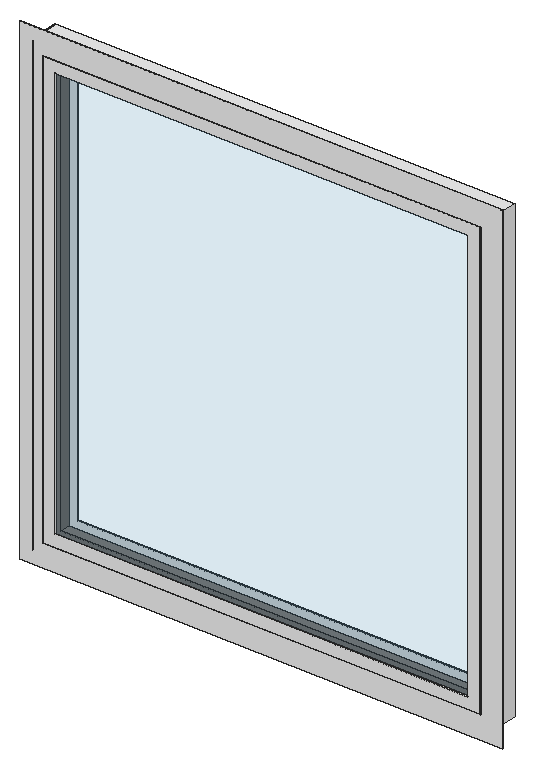
Revit family "Casement_36_E_Side_Hung_Standard", category Windows, host Wall, Revit 2014
Parameters (values of type "Casement_Sash_DG")
  Width Sash [instance] = 30 mm
  Width Sash Inner = 15 mm
  Width Bead = 15 mm
  Top Hung [instance] = yes
  Side Hung Right [instance] = yes
  Side Hung Left [instance] = yes
  Sash Opening Width [instance] = 600 mm
  Sash Opening Height [instance] = 600.312 mm
  Sash Lip = 15 mm
  Glazing Material [instance] = Glass
  DG Start Piece 2 [instance] = DG End Piece 1 + DG Gasket Thickness  # 25 mm
  DG Start Peice 1 [instance] = (Depth Sash - (2 * DG Glazing Thickness) - DG Gasket Thickness) / 2  # 6.6 mm
  Glazing Offset = 5 mm
  DG Glazing Thickness [instance] = 6.4 mm
  DG Gasket Thickness = 12 mm  # constant formula
  DG Gasket Material [instance] = Double Glazing Gasket Material
  DG End Piece 2 [instance] = DG Start Piece 2 + DG Glazing Thickness  # 31.4 mm
  DG End Piece 1 [instance] = DG Start Peice 1 + DG Glazing Thickness  # 13 mm
  Depth Sash [instance] = 38 mm
  Center Vertical Sash [instance] = Sash Opening Height / 2  # 300.156 mm
  Center Horizontal Sash [instance] = Sash Opening Width / 2  # 300 mm
  Bottom Hung [instance] = yes
  Bead Offset = 15 mm
  Aluminium Thickness = 1 mm
  Aluminium Material [instance] = White Powder Coated Aluminium
Reference planes
  plane 1 "Center (Front/Back)": y = 0
  plane 2: z = 0
  plane 3 "Center (Left/Right)": x = 0
Forms (mm)
  Sweep 1, solid, material "White Powder Coated Aluminium" <- "Aluminium Material"
    path origin (16.177, 0, 121.331) x (1, 0, 0) y (0, 0, 1)
      loop
        line (0, 0) -> (600, 0) -> (600, 600.312) -> (0, 600.312) -> (0, 0)
    profile origin (316.177, 0, 121.331) x (0, 0, 1) y (0, -1, 0)
      loop
        line (0, 0) -> (30, 0) -> (30, 1) -> (15, 1) -> (15, 38) -> (-15, 38) -> (-15, 37) -> (0, 37) -> (0, 0)
      loop
        line (14, 1) -> (14, 37) -> (1, 37) -> (1, 1) -> (14, 1)
  Sweep 2, solid, material "White Powder Coated Aluminium" <- "Aluminium Material"
    path origin (0, 0, 0) x (1, 0, 0) y (0, 0, 1)
      loop
        line (31.177, 706.643) -> (31.177, 136.331) -> (601.177, 136.331) -> (601.177, 706.643) -> (31.177, 706.643)
    profile origin (316.177, 0, 706.643) x (0, 0, 1) y (0, -1, 0)
      loop
        line (0, 37) -> (0, 38) -> (-15, 38) -> (-15, 37) -> (0, 37)
  Extrusion 3, solid, material "Glass" <- "Glazing Material"
    sketch origin (0, 0, 0) x (1, 0, 0) y (0, 0, 1)
      loop
        line (36.177, 701.643) -> (36.177, 141.331) -> (596.177, 141.331) -> (596.177, 701.643) -> (36.177, 701.643)
    from 6.6 <- "DG Start Peice 1" to 13 <- "DG End Piece 1"
  Extrusion 4, solid, material "Glass" <- "Glazing Material"
    sketch origin (0, 0, 0) x (1, 0, 0) y (0, 0, 1)
      loop
        line (36.177, 701.643) -> (36.177, 141.331) -> (596.177, 141.331) -> (596.177, 701.643) -> (36.177, 701.643)
    from 31.4 <- "DG End Piece 2" to 25 <- "DG Start Piece 2"
  Sweep 5, solid, material "Double Glazing Gasket Material" <- "DG Gasket Material"
    path origin (0, -13, 0) x (1, 0, 0) y (0, 0, 1)
      loop
        line (36.177, 701.643) -> (36.177, 141.331) -> (596.177, 141.331) -> (596.177, 701.643) -> (36.177, 701.643)
    profile origin (316.177, -13, 701.643) x (0, 0, 1) y (0, -1, 0)
      loop
        line (0, 0) -> (0, 12) -> (-7.96, 12) -> (-7.96, 0) -> (0, 0)
Lines and regions (mm)
  model lines
    curve 1: line (1.177, -38, 736.643) -> (31.177, -38, 706.643)
    curve 2: line (601.177, -38, 706.643) -> (631.177, -38, 736.643)
    curve 3: line (601.177, -38, 136.331) -> (631.177, -38, 106.331)
    curve 4: line (1.177, -38, 106.331) -> (31.177, -38, 136.331)
    curve 5: line (631.177, -37, 736.643) -> (616.177, -37, 721.643)
    curve 6: line (1.177, -37, 736.643) -> (16.177, -37, 721.643)
    curve 7: line (1.177, -37, 106.331) -> (16.177, -37, 121.331)
    curve 8: line (631.177, -37, 106.331) -> (616.177, -37, 121.331)
    curve 9: line (616.177, 0, 121.331) -> (586.177, 0, 151.331)
    curve 10: line (46.177, 0, 151.331) -> (16.177, 0, 121.331)
    curve 11: line (616.177, 0, 721.643) -> (586.177, 0, 691.643)
    curve 12: line (46.177, 0, 691.643) -> (16.177, 0, 721.643)
    curve 13: line (31.177, -38, 691.643) -> (46.177, -38, 691.643)
    curve 14: line (586.177, -38, 691.643) -> (601.177, -38, 691.643)
    curve 15: line (586.177, -38, 151.331) -> (601.177, -38, 151.331)
    curve 16: line (31.177, -38, 151.331) -> (46.177, -38, 151.331)
  model lines, style "GenericModelHiddenLines", visible <- "Top Hung"
    curve 17: line (46.386, -31.4, 690.914) -> (316.177, -31.4, 151.331)
    curve 18: line (316.177, -31.4, 151.331) -> (586.177, -31.4, 691.331)
  model lines, style "GenericModelHiddenLines", visible <- "Bottom Hung"
    curve 19: line (46.177, -31.4, 151.331) -> (316.177, -31.4, 691.331)
    curve 20: line (316.177, -31.4, 691.331) -> (586.177, -31.4, 151.331)
  model lines, style "GenericModelHiddenLines", visible <- "Side Hung Left"
    curve 21: line (46.386, -31.4, 690.914) -> (585.24, -31.4, 421.487)
    curve 22: line (585.24, -31.4, 421.487) -> (46.177, -31.4, 151.331)
  model lines, style "GenericModelHiddenLines", visible <- "Side Hung Right"
    curve 23: line (586.177, -31.4, 691.331) -> (46.177, -31.4, 421.487)
    curve 24: line (46.177, -31.4, 421.487) -> (586.177, -31.4, 151.331)
Dimensions and locks
  "Aluminium Thickness": Sweep 1 sketch curve to Sweep 1 sketch curve  (x4)
  "Depth Sash": Sweep 1 sketch curve to Sweep 1 sketch curve
  "Sash Opening Width": Sweep 1 to Sweep 1
  "Sash Opening Height": Sweep 1 to Sweep 1
  "Width Sash": Sweep 1 sketch curve to Sweep 1 sketch curve  (x2)
  "Width Sash Inner": Sweep 1 sketch curve to Sweep 1 sketch curve
  "Sash Lip": Sweep 1 sketch curve to Sweep 1 sketch curve
  "Aluminium Thickness": Sweep 1 to Sweep 2 sketch curve
  "Glazing Offset": Sweep 2 to Extrusion 3 sketch curve  (x3)
  "Glazing Offset": Extrusion 3 sketch curve to Sweep 2
  Sweep 1 to Sweep 1 = 1 mm
  "Aluminium Thickness": Sweep 2 sketch curve to Sweep 2 sketch curve
  "Width Bead": Sweep 2 sketch curve to Sweep 2 sketch curve
  locked: Sweep 5 sketch curve to Sweep 5 sketch curve at 7.96
  "Center Horizontal Sash": Sweep 1 to curve 18
  "Center Horizontal Sash": Sweep 1 to curve 20
  "Center Vertical Sash": Sweep 1 to curve 22
  "Center Vertical Sash": Sweep 1 to curve 24
  aligned and locked: level to plane 2
  aligned and locked: Sweep 1 sketch curve to Sweep 1 sketch curve  (x2)
  aligned and locked: Sweep 2 sketch curve to Sweep 1  (x5)
  aligned and locked: Extrusion 4 sketch curve to Extrusion 3  (x4)
  aligned and locked: Sweep 5 sketch curve to Extrusion 3  (x5)
  aligned and locked: Extrusion 3 to Sweep 5 sketch curve
Automatic sketch dimensions
  plane 3 "Center (Left/Right)" to Sweep 1 sketch curve = 16.177 mm
  level to Sweep 1 sketch curve = 121.331 mm
  plane 3 "Center (Left/Right)" to Sweep 1 sketch curve = 616.177 mm
  level to Sweep 1 sketch curve = 721.643 mm
  profile plane to Sweep 5 sketch curve = 12 mm
  curve 7 to Sweep 1 = 0 mm  (x4)
  curve 6 to Sweep 1 = 0 mm  (x3)
  Sweep 1 to curve 6 = 0 mm
  curve 5 to Sweep 1 = 0 mm  (x3)
  curve 8 to Sweep 1 = 0 mm  (x4)
  Sweep 1 to curve 5 = 0 mm
  curve 16 to Sweep 2 = 0 mm  (x3)
  curve 13 to Sweep 2 = 0 mm  (x3)
  curve 15 to Sweep 2 = 0 mm
  Sweep 2 to curve 15 = 0 mm  (x2)
  curve 14 to Sweep 2 = 0 mm  (x2)
  Sweep 2 to curve 14 = 0 mm
  curve 1 to Sweep 1 = 0 mm  (x4)
  curve 4 to Sweep 1 = 0 mm  (x3)
  Sweep 1 to curve 4 = 0 mm
  curve 3 to Sweep 1 = 0 mm  (x3)
  curve 2 to Sweep 1 = 0 mm  (x4)
  Sweep 1 to curve 3 = 0 mm
  curve 10 to Sweep 1 = 0 mm  (x4)
  curve 12 to Sweep 1 = 0 mm  (x3)
  Sweep 1 to curve 12 = 0 mm
  curve 9 to Sweep 1 = 0 mm  (x4)
  curve 11 to Sweep 1 = 0 mm  (x3)
  Sweep 1 to curve 11 = 0 mm
  Sweep 1 sketch curve to plane 1 "Center (Front/Back)" = 0 mm
  profile plane to Sweep 1 sketch curve = 0 mm
  curve 21 to Extrusion 4 = 10.208 mm
  curve 19 to Extrusion 4 = 10 mm
  curve 23 to Extrusion 4 = 10 mm  (x2)
  curve 22 to Extrusion 4 = 10.937 mm
  curve 20 to Extrusion 4 = 10 mm
  curve 24 to Extrusion 4 = 10 mm
  curve 22 to Extrusion 4 = 10 mm
  curve 18 to Extrusion 4 = 10 mm
  curve 21 to Extrusion 4 = 10.729 mm
  curve 19 to Extrusion 4 = 10.312 mm
  curve 18 to Extrusion 4 = 10.312 mm
Types in the file's own list only (18): name | Windload Design | Width Sash Opening | Width Sash | Width Profile | Width Fixed Pane RHS | Width Fixed Pane Bottom LHS | Width Panel 1 | Width | URL | Offset Window Exterior | Max System DG Unit Thickness | Max System DG One Piece Thickness | Max Pane Area | Limit Fixed Pane Width Min | Limit Fixed Pane Width Max | Limit Fixed Pane Height Min | Limit Fixed Pane Height Max | Intruderprufe U Value | Intruderprufe SHGC Value | Intruderprufe LowE U Value | Intruderprufe LowE SHGC Value | Intruderprufe Insulated U Value | Intruderprufe Insulated SHGC Value | Intruderprufe Insulated LowE U Value | Intruderprufe Insulated LowE SHGC Value | Height | Energy Advantage U Value | Energy Advantage SHGC Value | DG Thickness Calc | Custom Window Width | Custom Window Height | Window Exterior Offset | Custom Windload | Custom Sash Width | Custom Sash Height | Sash Spacing Inner | Sash Overlap | Sash Center Offset | SG Gasket Thickness | Offset Sash Left | Offset Sash Top | Offset Panel 4 Left | Offset Panel 3 Bead Top | Offset Mullion Left | Offset Transom Top | Offset Bead SG Center Reversed | Model | Manufacturer | Limit Window Width Min | Limit Window Width Max | Limit Window Height Min | Limit Window Height Max | Limit Sash Width Min | Limit Sash Width Max | Limit Sash Height Min | Limit Sash Height Max | Length Transom | Length Mullion | Height Sash Opening | Height Sash | Height Fixed Pane RHS | Height Fixed Pane Bottom LHS | Height Panel 1 | Description | Depth Mullion | Frame Center Offset | Depth Bead | Default Sill Height | Wall Closure | DG Gasket Finish | DG Extrusion Start | Mullion Depth Windload Based | Clearvue U Value | Clearvue SHGC Value | Clearvue Insulated U Value | Clearvue Insulated SHGC Value | Clearvue Insulated LowE U Value | Clearvue Insulated LowE SHGC Value | Casement Dimension | Bead SG Gap | Area Pane Right | Area Pane Left Top | Area Pane Left Bottom
  36-0915S-1000Pa | 1000 mm | 554 mm | 524 mm | 30 mm | 260 mm | 540 mm | 540 mm | 890 mm | "http://www.crealco.co.za/crealco-products.php" | 18 mm | 25 mm | 6 mm | 0.52 m² | 200 mm | 1500 mm | 200 mm | 1800 mm | 6.53 | 0.593 | 5.09 | 0.525 | 4.41 | 0.501 | 3.93 | 0.46 | 1490 mm | 5.22 | 0.558 | 4 mm | 890 mm | 1490 mm | 0 mm | 1000 mm | 554 mm | 1154 mm | 8 mm | 7 mm | 15 mm | 6 mm | 23 mm | 23 mm | 600 mm | 1200 mm | 570 mm | 1170 mm | 18 mm | "Casement 36" | "Crealco" | 830 mm | 2130 mm | 1430 mm | 1860 mm | 300 mm | 600 mm | 300 mm | 1300 mm | 540 mm | 1490 mm | 1154 mm | 1124 mm | 1430 mm | 260 mm | 1139 mm | "Window 36mm, Type E side hung" | 37 mm | 18 mm | 22 mm | 800 mm | By host | Double Glazing Gasket Material | 8 mm | 37 mm | 6.69 | 0.622 | 4.53 | 0.549 | 4.02 | 0.5 | 36 mm | 13 mm | 0.36 m² | 0.52 m² | 0.13 m²
  36-1215S-1000Pa | 1000 mm | 554 mm | 524 mm | 30 mm | 560 mm | 540 mm | 540 mm | 1190 mm | "http://www.crealco.co.za/crealco-products.php" | 18 mm | 25 mm | 6 mm | 0.78 m² | 200 mm | 1500 mm | 200 mm | 1800 mm | 6.74 | 0.671 | 5.09 | 0.59 | 4.32 | 0.569 | 3.75 | 0.521 | 1490 mm | 5.2 | 0.631 | 4 mm | 1190 mm | 1490 mm | 0 mm | 1000 mm | 554 mm | 1154 mm | 8 mm | 7 mm | 15 mm | 6 mm | 23 mm | 23 mm | 600 mm | 1200 mm | 570 mm | 1170 mm | 18 mm | "Casement 36" | "Crealco" | 830 mm | 2130 mm | 1430 mm | 1860 mm | 300 mm | 600 mm | 300 mm | 1300 mm | 540 mm | 1490 mm | 1154 mm | 1124 mm | 1430 mm | 260 mm | 1139 mm | "Window 36mm, Type E side hung" | 54 mm | 18 mm | 22 mm | 800 mm | By host | Double Glazing Gasket Material | 8 mm | 54 mm | 6.89 | 0.704 | 4.43 | 0.62 | 3.83 | 0.564 | 36 mm | 13 mm | 0.78 m² | 0.52 m² | 0.13 m²
  36-1515S-1000Pa | 1000 mm | 554 mm | 524 mm | 30 mm | 860 mm | 540 mm | 540 mm | 1490 mm | "http://www.crealco.co.za/crealco-products.php" | 18 mm | 25 mm | 6 mm | 1.21 m² | 200 mm | 1500 mm | 200 mm | 1800 mm | 6.83 | 0.721 | 5.03 | 0.634 | 4.21 | 0.612 | 3.57 | 0.559 | 1490 mm | 5.15 | 0.679 | 4 mm | 1490 mm | 1490 mm | 0 mm | 1000 mm | 554 mm | 1154 mm | 8 mm | 7 mm | 15 mm | 6 mm | 23 mm | 23 mm | 600 mm | 1200 mm | 570 mm | 1170 mm | 18 mm | "Casement 36" | "Crealco" | 830 mm | 2130 mm | 1430 mm | 1860 mm | 300 mm | 600 mm | 300 mm | 1300 mm | 540 mm | 1490 mm | 1154 mm | 1124 mm | 1430 mm | 260 mm | 1139 mm | "Window 36mm, Type E side hung" | 54 mm | 18 mm | 22 mm | 800 mm | By host | Double Glazing Gasket Material | 8 mm | 54 mm | 6.99 | 0.757 | 4.32 | 0.666 | 3.65 | 0.606 | 36 mm | 13 mm | 1.21 m² | 0.52 m² | 0.13 m²
  36-0918S-1000Pa | 1000 mm | 554 mm | 524 mm | 30 mm | 260 mm | 540 mm | 540 mm | 890 mm | "http://www.crealco.co.za/crealco-products.php" | 18 mm | 25 mm | 6 mm | 0.52 m² | 200 mm | 1500 mm | 200 mm | 1800 mm | 6.89 | 0.638 | 5.53 | 0.562 | 4.63 | 0.54 | 4.11 | 0.497 | 1790 mm | 5.47 | 0.599 | 4 mm | 890 mm | 1790 mm | 0 mm | 1000 mm | 554 mm | 1154 mm | 8 mm | 7 mm | 15 mm | 6 mm | 23 mm | 23 mm | 600 mm | 1200 mm | 570 mm | 1170 mm | 18 mm | "Casement 36" | "Crealco" | 830 mm | 2130 mm | 1430 mm | 1860 mm | 300 mm | 600 mm | 300 mm | 1300 mm | 540 mm | 1790 mm | 1154 mm | 1124 mm | 1730 mm | 560 mm | 1139 mm | "Window 36mm, Type E side hung" | 54 mm | 18 mm | 22 mm | 800 mm | By host | Double Glazing Gasket Material | 8 mm | 54 mm | 7.05 | 0.669 | 4.75 | 0.588 | 4.2 | 0.536 | 36 mm | 13 mm | 0.43 m² | 0.52 m² | 0.29 m²
  36-1218S-1000Pa | 1000 mm | 554 mm | 524 mm | 30 mm | 560 mm | 540 mm | 540 mm | 1190 mm | "http://www.crealco.co.za/crealco-products.php" | 18 mm | 25 mm | 6 mm | 0.95 m² | 200 mm | 1500 mm | 200 mm | 1800 mm | 7.25 | 0.74 | 5.43 | 0.651 | 4.58 | 0.628 | 3.94 | 0.575 | 1790 mm | 5.55 | 0.696 | 4 mm | 1190 mm | 1790 mm | 0 mm | 1000 mm | 554 mm | 1154 mm | 8 mm | 7 mm | 15 mm | 6 mm | 23 mm | 23 mm | 600 mm | 1200 mm | 570 mm | 1170 mm | 18 mm | "Casement 36" | "Crealco" | 830 mm | 2130 mm | 1430 mm | 1860 mm | 300 mm | 600 mm | 300 mm | 1300 mm | 540 mm | 1790 mm | 1154 mm | 1124 mm | 1730 mm | 560 mm | 1139 mm | "Window 36mm, Type E side hung" | 54 mm | 18 mm | 22 mm | 800 mm | By host | Double Glazing Gasket Material | 8 mm | 54 mm | 7.42 | 0.778 | 4.7 | 0.684 | 4.03 | 0.623 | 36 mm | 13 mm | 0.95 m² | 0.52 m² | 0.29 m²
  36-1518S-1000Pa | 1000 mm | 554 mm | 524 mm | 30 mm | 860 mm | 540 mm | 540 mm | 1490 mm | "http://www.crealco.co.za/crealco-products.php" | 18 mm | 25 mm | 6 mm | 1.46 m² | 200 mm | 1500 mm | 200 mm | 1800 mm | 7.5 | 0.808 | 5.48 | 0.711 | 4.55 | 0.688 | 3.83 | 0.627 | 1790 mm | 7.9 | 0 | 4 mm | 1490 mm | 1790 mm | 0 mm | 1000 mm | 554 mm | 1154 mm | 8 mm | 7 mm | 15 mm | 6 mm | 23 mm | 23 mm | 600 mm | 1200 mm | 570 mm | 1170 mm | 18 mm | "Casement 36" | "Crealco" | 830 mm | 2130 mm | 1430 mm | 1860 mm | 300 mm | 600 mm | 300 mm | 1300 mm | 540 mm | 1790 mm | 1154 mm | 1124 mm | 1730 mm | 560 mm | 1139 mm | "Window 36mm, Type E side hung" | 70 mm | 18 mm | 22 mm | 800 mm | By host | Double Glazing Gasket Material | 8 mm | 70 mm | 7.9 | 0 | 4.66 | 0.748 | 3.91 | 0.68 | 36 mm | 13 mm | 1.46 m² | 0.52 m² | 0.29 m²
  36-0915S-1500Pa | 1500 mm | 554 mm | 524 mm | 30 mm | 260 mm | 540 mm | 540 mm | 890 mm | "http://www.crealco.co.za/crealco-products.php" | 18 mm | 25 mm | 6 mm | 0.52 m² | 200 mm | 1500 mm | 200 mm | 1800 mm | 6.58 | 0.592 | 5.17 | 0.522 | 4.5 | 0.5 | 4.02 | 0.461 | 1490 mm | 5.29 | 0.556 | 4 mm | 890 mm | 1490 mm | 0 mm | 1500 mm | 554 mm | 1154 mm | 8 mm | 7 mm | 15 mm | 6 mm | 23 mm | 23 mm | 600 mm | 1200 mm | 570 mm | 1170 mm | 18 mm | "Casement 36" | "Crealco" | 830 mm | 2130 mm | 1430 mm | 1860 mm | 300 mm | 600 mm | 300 mm | 1300 mm | 540 mm | 1490 mm | 1154 mm | 1124 mm | 1430 mm | 260 mm | 1139 mm | "Window 36mm, Type E side hung" | 54 mm | 18 mm | 22 mm | 800 mm | By host | Double Glazing Gasket Material | 8 mm | 54 mm | 3.73 | 0.62 | 4.62 | 0.546 | 4.11 | 0.498 | 36 mm | 13 mm | 0.36 m² | 0.52 m² | 0.13 m²
  36-0915S-2000Pa | 2000 mm | 554 mm | 524 mm | 30 mm | 260 mm | 540 mm | 540 mm | 890 mm | "http://www.crealco.co.za/crealco-products.php" | 18 mm | 25 mm | 6 mm | 0.52 m² | 200 mm | 1500 mm | 200 mm | 1800 mm | 6.58 | 0.592 | 5.17 | 0.522 | 4.5 | 0.5 | 4.02 | 0.461 | 1490 mm | 5.29 | 0.556 | 4 mm | 890 mm | 1490 mm | 0 mm | 2000 mm | 554 mm | 1154 mm | 8 mm | 7 mm | 15 mm | 6 mm | 23 mm | 23 mm | 600 mm | 1200 mm | 570 mm | 1170 mm | 18 mm | "Casement 36" | "Crealco" | 830 mm | 2130 mm | 1430 mm | 1860 mm | 300 mm | 600 mm | 300 mm | 1300 mm | 540 mm | 1490 mm | 1154 mm | 1124 mm | 1430 mm | 260 mm | 1139 mm | "Window 36mm, Type E side hung" | 54 mm | 18 mm | 22 mm | 800 mm | By host | Double Glazing Gasket Material | 8 mm | 54 mm | 3.73 | 0.62 | 4.62 | 0.546 | 4.11 | 0.498 | 36 mm | 13 mm | 0.36 m² | 0.52 m² | 0.13 m²
  36-1215S-1500Pa | 1500 mm | 554 mm | 524 mm | 30 mm | 560 mm | 540 mm | 540 mm | 1190 mm | "http://www.crealco.co.za/crealco-products.php" | 18 mm | 25 mm | 6 mm | 0.78 m² | 200 mm | 1500 mm | 200 mm | 1800 mm | 6.74 | 0.671 | 5.09 | 0.59 | 4.32 | 0.569 | 3.75 | 0.521 | 1490 mm | 5.2 | 0.631 | 4 mm | 1190 mm | 1490 mm | 0 mm | 1500 mm | 554 mm | 1154 mm | 8 mm | 7 mm | 15 mm | 6 mm | 23 mm | 23 mm | 600 mm | 1200 mm | 570 mm | 1170 mm | 18 mm | "Casement 36" | "Crealco" | 830 mm | 2130 mm | 1430 mm | 1860 mm | 300 mm | 600 mm | 300 mm | 1300 mm | 540 mm | 1490 mm | 1154 mm | 1124 mm | 1430 mm | 260 mm | 1139 mm | "Window 36mm, Type E side hung" | 54 mm | 18 mm | 22 mm | 800 mm | By host | Double Glazing Gasket Material | 8 mm | 54 mm | 6.89 | 0.704 | 4.43 | 0.62 | 3.83 | 0.564 | 36 mm | 13 mm | 0.78 m² | 0.52 m² | 0.13 m²
  36-1215S-2000Pa | 2000 mm | 554 mm | 524 mm | 30 mm | 560 mm | 540 mm | 540 mm | 1190 mm | "http://www.crealco.co.za/crealco-products.php" | 18 mm | 25 mm | 6 mm | 0.78 m² | 200 mm | 1500 mm | 200 mm | 1800 mm | 6.74 | 0.671 | 5.09 | 0.59 | 4.32 | 0.569 | 3.75 | 0.521 | 1490 mm | 5.2 | 0.631 | 4 mm | 1190 mm | 1490 mm | 0 mm | 2000 mm | 554 mm | 1154 mm | 8 mm | 7 mm | 15 mm | 6 mm | 23 mm | 23 mm | 600 mm | 1200 mm | 570 mm | 1170 mm | 18 mm | "Casement 36" | "Crealco" | 830 mm | 2130 mm | 1430 mm | 1860 mm | 300 mm | 600 mm | 300 mm | 1300 mm | 540 mm | 1490 mm | 1154 mm | 1124 mm | 1430 mm | 260 mm | 1139 mm | "Window 36mm, Type E side hung" | 54 mm | 18 mm | 22 mm | 800 mm | By host | Double Glazing Gasket Material | 8 mm | 54 mm | 6.89 | 0.704 | 4.43 | 0.62 | 3.83 | 0.564 | 36 mm | 13 mm | 0.78 m² | 0.52 m² | 0.13 m²
  36-1515S-1500Pa | 1500 mm | 554 mm | 524 mm | 30 mm | 860 mm | 540 mm | 540 mm | 1490 mm | "http://www.crealco.co.za/crealco-products.php" | 18 mm | 25 mm | 6 mm | 1.21 m² | 200 mm | 1500 mm | 200 mm | 1800 mm | 6.83 | 0.721 | 5.03 | 0.634 | 4.21 | 0.612 | 3.57 | 0.559 | 1490 mm | 5.15 | 0.679 | 4 mm | 1490 mm | 1490 mm | 0 mm | 1500 mm | 554 mm | 1154 mm | 8 mm | 7 mm | 15 mm | 6 mm | 23 mm | 23 mm | 600 mm | 1200 mm | 570 mm | 1170 mm | 18 mm | "Casement 36" | "Crealco" | 830 mm | 2130 mm | 1430 mm | 1860 mm | 300 mm | 600 mm | 300 mm | 1300 mm | 540 mm | 1490 mm | 1154 mm | 1124 mm | 1430 mm | 260 mm | 1139 mm | "Window 36mm, Type E side hung" | 54 mm | 18 mm | 22 mm | 800 mm | By host | Double Glazing Gasket Material | 8 mm | 54 mm | 6.99 | 0.757 | 4.32 | 0.666 | 3.65 | 0.606 | 36 mm | 13 mm | 1.21 m² | 0.52 m² | 0.13 m²
  36-1515S-2000Pa | 2000 mm | 554 mm | 524 mm | 30 mm | 860 mm | 540 mm | 540 mm | 1490 mm | "http://www.crealco.co.za/crealco-products.php" | 18 mm | 25 mm | 6 mm | 1.21 m² | 200 mm | 1500 mm | 200 mm | 1800 mm | 6.83 | 0.721 | 5.03 | 0.634 | 4.21 | 0.612 | 3.57 | 0.559 | 1490 mm | 5.15 | 0.679 | 4 mm | 1490 mm | 1490 mm | 0 mm | 2000 mm | 554 mm | 1154 mm | 8 mm | 7 mm | 15 mm | 6 mm | 23 mm | 23 mm | 600 mm | 1200 mm | 570 mm | 1170 mm | 18 mm | "Casement 36" | "Crealco" | 830 mm | 2130 mm | 1430 mm | 1860 mm | 300 mm | 600 mm | 300 mm | 1300 mm | 540 mm | 1490 mm | 1154 mm | 1124 mm | 1430 mm | 260 mm | 1139 mm | "Window 36mm, Type E side hung" | 54 mm | 18 mm | 22 mm | 800 mm | By host | Double Glazing Gasket Material | 8 mm | 54 mm | 6.99 | 0.757 | 4.32 | 0.666 | 3.65 | 0.606 | 36 mm | 13 mm | 1.21 m² | 0.52 m² | 0.13 m²
  36-0918S-1500Pa | 1500 mm | 554 mm | 524 mm | 30 mm | 260 mm | 540 mm | 540 mm | 890 mm | "http://www.crealco.co.za/crealco-products.php" | 18 mm | 25 mm | 6 mm | 0.52 m² | 200 mm | 1500 mm | 200 mm | 1800 mm | 6.89 | 0.638 | 5.53 | 0.562 | 4.63 | 0.54 | 4.11 | 0.497 | 1790 mm | 5.47 | 0.599 | 4 mm | 890 mm | 1790 mm | 0 mm | 1500 mm | 554 mm | 1154 mm | 8 mm | 7 mm | 15 mm | 6 mm | 23 mm | 23 mm | 600 mm | 1200 mm | 570 mm | 1170 mm | 18 mm | "Casement 36" | "Crealco" | 830 mm | 2130 mm | 1430 mm | 1860 mm | 300 mm | 600 mm | 300 mm | 1300 mm | 540 mm | 1790 mm | 1154 mm | 1124 mm | 1730 mm | 560 mm | 1139 mm | "Window 36mm, Type E side hung" | 54 mm | 18 mm | 22 mm | 800 mm | By host | Double Glazing Gasket Material | 8 mm | 54 mm | 7.05 | 0.669 | 4.75 | 0.588 | 4.2 | 0.536 | 36 mm | 13 mm | 0.43 m² | 0.52 m² | 0.29 m²
  36-0918S-2000Pa | 2000 mm | 554 mm | 524 mm | 30 mm | 260 mm | 540 mm | 540 mm | 890 mm | "http://www.crealco.co.za/crealco-products.php" | 18 mm | 25 mm | 6 mm | 0.52 m² | 200 mm | 1500 mm | 200 mm | 1800 mm | 6.89 | 0.638 | 5.53 | 0.562 | 4.63 | 0.54 | 4.11 | 0.497 | 1790 mm | 5.47 | 0.599 | 4 mm | 890 mm | 1790 mm | 0 mm | 2000 mm | 554 mm | 1154 mm | 8 mm | 7 mm | 15 mm | 6 mm | 23 mm | 23 mm | 600 mm | 1200 mm | 570 mm | 1170 mm | 18 mm | "Casement 36" | "Crealco" | 830 mm | 2130 mm | 1430 mm | 1860 mm | 300 mm | 600 mm | 300 mm | 1300 mm | 540 mm | 1790 mm | 1154 mm | 1124 mm | 1730 mm | 560 mm | 1139 mm | "Window 36mm, Type E side hung" | 54 mm | 18 mm | 22 mm | 800 mm | By host | Double Glazing Gasket Material | 8 mm | 54 mm | 7.05 | 0.669 | 4.75 | 0.588 | 4.2 | 0.536 | 36 mm | 13 mm | 0.43 m² | 0.52 m² | 0.29 m²
  36-1218S-1500Pa | 1500 mm | 554 mm | 524 mm | 30 mm | 560 mm | 540 mm | 540 mm | 1190 mm | "http://www.crealco.co.za/crealco-products.php" | 18 mm | 25 mm | 6 mm | 0.95 m² | 200 mm | 1500 mm | 200 mm | 1800 mm | 7.25 | 0.74 | 5.43 | 0.651 | 4.58 | 0.628 | 3.94 | 0.575 | 1790 mm | 5.55 | 0.696 | 4 mm | 1190 mm | 1790 mm | 0 mm | 1500 mm | 554 mm | 1154 mm | 8 mm | 7 mm | 15 mm | 6 mm | 23 mm | 23 mm | 600 mm | 1200 mm | 570 mm | 1170 mm | 18 mm | "Casement 36" | "Crealco" | 830 mm | 2130 mm | 1430 mm | 1860 mm | 300 mm | 600 mm | 300 mm | 1300 mm | 540 mm | 1790 mm | 1154 mm | 1124 mm | 1730 mm | 560 mm | 1139 mm | "Window 36mm, Type E side hung" | 70 mm | 18 mm | 22 mm | 800 mm | By host | Double Glazing Gasket Material | 8 mm | 70 mm | 7.42 | 0.778 | 4.7 | 0.684 | 4.03 | 0.623 | 36 mm | 13 mm | 0.95 m² | 0.52 m² | 0.29 m²
  36-1218S-2000Pa | 2000 mm | 554 mm | 524 mm | 30 mm | 560 mm | 540 mm | 540 mm | 1190 mm | "http://www.crealco.co.za/crealco-products.php" | 18 mm | 25 mm | 6 mm | 0.95 m² | 200 mm | 1500 mm | 200 mm | 1800 mm | 7.25 | 0.74 | 5.43 | 0.651 | 4.58 | 0.628 | 3.94 | 0.575 | 1790 mm | 5.55 | 0.696 | 4 mm | 1190 mm | 1790 mm | 0 mm | 2000 mm | 554 mm | 1154 mm | 8 mm | 7 mm | 15 mm | 6 mm | 23 mm | 23 mm | 600 mm | 1200 mm | 570 mm | 1170 mm | 18 mm | "Casement 36" | "Crealco" | 830 mm | 2130 mm | 1430 mm | 1860 mm | 300 mm | 600 mm | 300 mm | 1300 mm | 540 mm | 1790 mm | 1154 mm | 1124 mm | 1730 mm | 560 mm | 1139 mm | "Window 36mm, Type E side hung" | 70 mm | 18 mm | 22 mm | 800 mm | By host | Double Glazing Gasket Material | 8 mm | 70 mm | 7.42 | 0.778 | 4.7 | 0.684 | 4.03 | 0.623 | 36 mm | 13 mm | 0.95 m² | 0.52 m² | 0.29 m²
  36-1518S-1500Pa | 1500 mm | 554 mm | 524 mm | 30 mm | 860 mm | 540 mm | 540 mm | 1490 mm | "http://www.crealco.co.za/crealco-products.php" | 18 mm | 25 mm | 6 mm | 1.46 m² | 200 mm | 1500 mm | 200 mm | 1800 mm | 7.5 | 0.808 | 5.48 | 0.711 | 4.55 | 0.688 | 3.83 | 0.627 | 1790 mm | 7.9 | 0 | 4 mm | 1490 mm | 1790 mm | 0 mm | 1500 mm | 554 mm | 1154 mm | 8 mm | 7 mm | 15 mm | 6 mm | 23 mm | 23 mm | 600 mm | 1200 mm | 570 mm | 1170 mm | 18 mm | "Casement 36" | "Crealco" | 830 mm | 2130 mm | 1430 mm | 1860 mm | 300 mm | 600 mm | 300 mm | 1300 mm | 540 mm | 1790 mm | 1154 mm | 1124 mm | 1730 mm | 560 mm | 1139 mm | "Window 36mm, Type E side hung" | 70 mm | 18 mm | 22 mm | 800 mm | By host | Double Glazing Gasket Material | 8 mm | 70 mm | 7.9 | 0 | 4.66 | 0.748 | 3.91 | 0.68 | 36 mm | 13 mm | 1.46 m² | 0.52 m² | 0.29 m²
  36-1518S-2000Pa | 2000 mm | 554 mm | 524 mm | 30 mm | 860 mm | 540 mm | 540 mm | 1490 mm | "http://www.crealco.co.za/crealco-products.php" | 18 mm | 25 mm | 6 mm | 1.46 m² | 200 mm | 1500 mm | 200 mm | 1800 mm | 7.55 | 0.811 | 5.53 | 0.713 | 4.58 | 0.688 | 3.87 | 0.627 | 1790 mm | 7.9 | 0 | 4 mm | 1490 mm | 1790 mm | 0 mm | 2000 mm | 554 mm | 1154 mm | 8 mm | 7 mm | 15 mm | 6 mm | 23 mm | 23 mm | 600 mm | 1200 mm | 570 mm | 1170 mm | 18 mm | "Casement 36" | "Crealco" | 830 mm | 2130 mm | 1430 mm | 1860 mm | 300 mm | 600 mm | 300 mm | 1300 mm | 540 mm | 1790 mm | 1154 mm | 1124 mm | 1730 mm | 560 mm | 1139 mm | "Window 36mm, Type E side hung" | 90 mm | 18 mm | 22 mm | 800 mm | By host | Double Glazing Gasket Material | 8 mm | 90 mm | 7.9 | 0 | 4.69 | 0.748 | 3.94 | 0.681 | 36 mm | 13 mm | 1.46 m² | 0.52 m² | 0.29 m²
